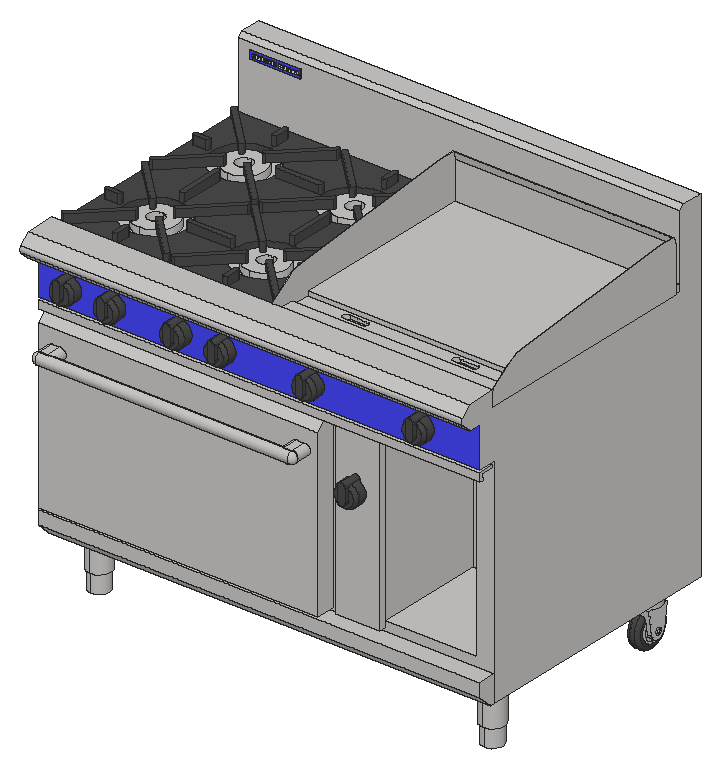
Revit family "QF_MOFFAT_BLUESEAL_CE_G508B", category Specialty Equipment, Revit 2012 (continued)
Automatic sketch dimensions
  Extrusion 1 sketch curve to plane 5 "FRONT" = 27.03 mm
  Extrusion 1 sketch curve to plane 5 "FRONT" = 11.991 mm
  Extrusion 1 sketch curve to plane 5 "FRONT" = 3.51 mm  (x2)
  Extrusion 1 sketch curve to plane 22 = 1.8 mm
  Extrusion 1 sketch curve to Extrusion 1 sketch curve = 4.2 mm
  Extrusion 1 sketch curve to plane 21 = 12.5 mm
  Extrusion 1 sketch curve to plane 17 = 38 mm
  Extrusion 1 sketch curve to Extrusion 1 sketch curve = 12.5 mm
  Extrusion 1 sketch curve to Extrusion 1 sketch curve = 41.48 mm
  Extrusion 1 sketch curve to Extrusion 1 sketch curve = 23.52 mm
  plane 18 to Extrusion 1 sketch curve = 85 mm
  Extrusion 1 sketch curve to Extrusion 1 sketch curve = 5.997 mm
  Extrusion 1 sketch curve to Extrusion 1 sketch curve = 7.004 mm
  Extrusion 1 sketch curve to Extrusion 1 sketch curve = 16.999 mm
  level to Extrusion 1 sketch curve = 222.5 mm
  Extrusion 1 sketch curve to Extrusion 1 sketch curve = 36.5 mm
  Extrusion 1 sketch curve to Extrusion 1 sketch curve = 35.929 mm
  level to Extrusion 1 sketch curve = 150 mm
  Extrusion 1 sketch curve to Extrusion 1 sketch curve = 8.48 mm
  plane 22 to Extrusion 2 sketch curve = 44 mm
  plane 22 to Extrusion 2 sketch curve = 20 mm
  Extrusion 2 sketch curve to plane 22 = 6 mm
  level to Extrusion 2 sketch curve = 227.5 mm
  plane 18 to Extrusion 2 sketch curve = 21 mm
  plane 18 to Extrusion 2 sketch curve = 45 mm
  plane 22 to Extrusion 3 sketch curve = 9 mm
  Extrusion 3 sketch curve to plane 22 = 6 mm
  level to Extrusion 3 sketch curve = 227.5 mm
  plane 18 to Extrusion 3 sketch curve = 45 mm
  Revolve 4 sketch curve to level = 0 mm
  Revolve 4 sketch curve to plane 22 = 48.25 mm
  Revolve 4 sketch curve to Revolve 4 sketch curve = 4.25 mm
  Revolve 4 sketch curve to Revolve 4 sketch curve = 27.5 mm  (x2)
  level to Revolve 4 sketch curve = 50 mm
  Revolve 4 sketch curve to Revolve 4 sketch curve = 0 mm
  Revolve 4 sketch curve to Revolve 4 sketch curve = 100 mm
  Revolve 4 sketch curve to Revolve 4 sketch curve = 55 mm
  Revolve 5 sketch curve to level = 0 mm
  Revolve 5 sketch curve to plane 22 = 48.25 mm
  Revolve 5 sketch curve to Revolve 5 sketch curve = 4.25 mm
  Revolve 5 sketch curve to Revolve 5 sketch curve = 27.5 mm  (x2)
  Revolve 5 sketch curve to level = 55 mm
  Revolve 5 sketch curve to Revolve 5 sketch curve = 50 mm
  Revolve 5 sketch curve to Revolve 5 sketch curve = 0 mm
  Revolve 5 sketch curve to Revolve 5 sketch curve = 100 mm
  Extrusion 6 sketch curve to plane 17 = 0 mm
  plane 18 to Extrusion 7 sketch curve = 21 mm
  level to Extrusion 7 sketch curve = 246 mm
  plane 16 to Extrusion 7 sketch curve = 15.5 mm
  Extrusion 8 sketch curve to plane 7 "Center Y" = 0 mm
  plane 22 to Extrusion 8 sketch curve = 0 mm
  Extrusion 8 sketch curve to plane 22 = 3 mm  (x2)
  plane 10 to Extrusion 8 sketch curve = 36.504 mm  (x2)
  plane 12 to Extrusion 8 sketch curve = 67.472 mm  (x2)
  Extrusion 8 sketch curve to plane 17 = 42 mm  (x2)
  plane 3 "LEFT" to Extrusion 8 sketch curve = 4 mm
  plane 14 to Extrusion 8 sketch curve = 76 mm  (x2)
  Extrusion 8 sketch curve to plane 7 "Center Y" = 150 mm  (x2)
  Extrusion 9 sketch curve to plane 17 = 61.602 mm  (x3)
  plane 9 to Extrusion 9 sketch curve = 4.847 mm  (x4)
  Extrusion 9 sketch curve to Extrusion 9 sketch curve = 0 mm  (x8)
  Extrusion 9 sketch curve to plane 7 "Center Y" = 15.153 mm  (x3)
  plane 3 "LEFT" to Extrusion 9 sketch curve = 15.153 mm
  Extrusion 9 sketch curve to Extrusion 9 sketch curve = 4.525 mm  (x24)
  Extrusion 9 sketch curve to plane 17 = 67.398 mm  (x2)
  Extrusion 9 sketch curve to Extrusion 9 sketch curve = 36.204 mm  (x2)
  Extrusion 9 sketch curve to Extrusion 9 sketch curve = 65.923 mm  (x2)
  plane 3 "LEFT" to Extrusion 9 sketch curve = 16.591 mm  (x2)
  plane 12 to Extrusion 9 sketch curve = 74.863 mm
  Extrusion 9 sketch curve to plane 7 "Center Y" = 7.896 mm  (x2)
  plane 12 to Extrusion 9 sketch curve = 73.872 mm
  Extrusion 9 sketch curve to Extrusion 9 sketch curve = 20.524 mm  (x5)
  Extrusion 9 sketch curve to Extrusion 9 sketch curve = 6.4 mm  (x12)
  plane 12 to Extrusion 9 sketch curve = 40.548 mm  (x4)
  Extrusion 9 sketch curve to plane 12 = 24.426 mm  (x2)
  Extrusion 9 sketch curve to plane 13 = 7.374 mm  (x4)
  plane 8 "Center X" to Extrusion 9 sketch curve = 8.898 mm  (x4)
  plane 8 "Center X" to Extrusion 9 sketch curve = 4.372 mm  (x4)
  Extrusion 9 sketch curve to plane 8 "Center X" = 43.102 mm  (x2)
  Extrusion 9 sketch curve to Extrusion 9 sketch curve = 55.923 mm  (x4)
  plane 10 to Extrusion 9 sketch curve = 43.646 mm
  plane 10 to Extrusion 9 sketch curve = 43.172 mm  (x2)
  plane 10 to Extrusion 9 sketch curve = 9.848 mm  (x4)
  plane 10 to Extrusion 9 sketch curve = 5.323 mm  (x4)
  Extrusion 9 sketch curve to plane 10 = 65.126 mm  (x2)
  Extrusion 9 sketch curve to plane 22 = 32.653 mm  (x3)
  plane 3 "LEFT" to Extrusion 9 sketch curve = 6.102 mm  (x3)
  Extrusion 9 sketch curve to plane 7 "Center Y" = 6.102 mm
  Extrusion 9 sketch curve to plane 22 = 29.398 mm  (x2)
  Extrusion 9 sketch curve to plane 11 = 9.416 mm  (x2)
  plane 14 to Extrusion 9 sketch curve = 40.025 mm  (x4)
  plane 14 to Extrusion 9 sketch curve = 69.6 mm  (x2)
  Extrusion 9 sketch curve to Extrusion 9 sketch curve = 53.847 mm  (x8)
  Extrusion 9 sketch curve to plane 9 = 38.102 mm  (x2)
  Extrusion 9 sketch curve to Extrusion 9 sketch curve = 12.205 mm  (x4)
  plane 9 to Extrusion 9 sketch curve = 78.102 mm  (x2)
  Extrusion 9 sketch curve to Extrusion 9 sketch curve = 49.974 mm  (x2)
  Revolve 10 sketch curve to plane 5 "FRONT" = 19 mm
  Revolve 10 sketch curve to Revolve 10 sketch curve = 0 mm  (x2)
  Revolve 10 sketch curve to Revolve 10 sketch curve = 11 mm
  Revolve 10 sketch curve to Revolve 10 sketch curve = 12.7 mm
  Revolve 10 sketch curve to Revolve 10 sketch curve = 23 mm
  Revolve 10 sketch curve to Revolve 10 sketch curve = 10 mm
  plane 18 to Revolve 10 sketch curve = 141.882 mm
  Revolve 10 sketch curve to Revolve 10 sketch curve = 5 mm
  Revolve 10 sketch curve to Revolve 10 sketch curve = 26.651 mm
  Revolve 10 sketch curve to Revolve 10 sketch curve = 5.849 mm
  Revolve 11 sketch curve to plane 5 "FRONT" = 19 mm
  Revolve 11 sketch curve to Revolve 11 sketch curve = 0 mm  (x2)
  Revolve 11 sketch curve to Revolve 11 sketch curve = 11 mm
  Revolve 11 sketch curve to Revolve 11 sketch curve = 12.7 mm
  Revolve 11 sketch curve to Revolve 11 sketch curve = 23 mm
  Revolve 11 sketch curve to Revolve 11 sketch curve = 10 mm
  Revolve 11 sketch curve to plane 6 "TOP" = 140.618 mm
  Revolve 11 sketch curve to Revolve 11 sketch curve = 5.849 mm
  Revolve 11 sketch curve to Revolve 11 sketch curve = 27.5 mm
  Revolve 11 sketch curve to Revolve 11 sketch curve = 5 mm
  Revolve 12 sketch curve to plane 5 "FRONT" = 19 mm
  Revolve 12 sketch curve to Revolve 12 sketch curve = 0 mm  (x2)
  Revolve 12 sketch curve to Revolve 12 sketch curve = 11 mm
  Revolve 12 sketch curve to Revolve 12 sketch curve = 12.7 mm
  Revolve 12 sketch curve to Revolve 12 sketch curve = 23 mm
  Revolve 12 sketch curve to Revolve 12 sketch curve = 10 mm
  Revolve 12 sketch curve to plane 6 "TOP" = 140.618 mm
  Revolve 12 sketch curve to Revolve 12 sketch curve = 5.849 mm
  Revolve 12 sketch curve to Revolve 12 sketch curve = 27.5 mm
  Revolve 12 sketch curve to Revolve 12 sketch curve = 5 mm
  Revolve 13 sketch curve to plane 5 "FRONT" = 19 mm
  Revolve 13 sketch curve to Revolve 13 sketch curve = 0 mm  (x2)
  Revolve 13 sketch curve to Revolve 13 sketch curve = 11 mm
  Revolve 13 sketch curve to Revolve 13 sketch curve = 12.7 mm
  Revolve 13 sketch curve to Revolve 13 sketch curve = 23 mm
  Revolve 13 sketch curve to Revolve 13 sketch curve = 10 mm
  Revolve 13 sketch curve to plane 6 "TOP" = 140.618 mm
  Revolve 13 sketch curve to Revolve 13 sketch curve = 5.849 mm
  Revolve 13 sketch curve to Revolve 13 sketch curve = 27.5 mm
  Revolve 13 sketch curve to Revolve 13 sketch curve = 5 mm
  Revolve 14 sketch curve to plane 5 "FRONT" = 19 mm
  Revolve 14 sketch curve to Revolve 14 sketch curve = 0 mm  (x2)
  Revolve 14 sketch curve to Revolve 14 sketch curve = 11 mm
  Revolve 14 sketch curve to Revolve 14 sketch curve = 12.7 mm
  Revolve 14 sketch curve to Revolve 14 sketch curve = 23 mm
  Revolve 14 sketch curve to Revolve 14 sketch curve = 10 mm
  Revolve 14 sketch curve to plane 6 "TOP" = 140.618 mm
  Revolve 14 sketch curve to Revolve 14 sketch curve = 5.849 mm
  Revolve 14 sketch curve to Revolve 14 sketch curve = 27.5 mm
  Revolve 14 sketch curve to Revolve 14 sketch curve = 5 mm
  plane 14 to Extrusion 15 sketch curve = 26.156 mm
  Extrusion 15 sketch curve to Extrusion 15 sketch curve = 10 mm
  Extrusion 15 sketch curve to plane 6 "TOP" = 146.118 mm
  Extrusion 15 sketch curve to Extrusion 15 sketch curve = 35 mm
  Extrusion 16 sketch curve to plane 9 = 59.844 mm
  Extrusion 16 sketch curve to Extrusion 16 sketch curve = 10 mm
  Extrusion 16 sketch curve to plane 6 "TOP" = 146.118 mm
  Extrusion 16 sketch curve to Extrusion 16 sketch curve = 35 mm
  plane 9 to Extrusion 17 sketch curve = 120.132 mm
  Extrusion 17 sketch curve to Extrusion 17 sketch curve = 10 mm
  Extrusion 17 sketch curve to plane 6 "TOP" = 146.118 mm
  Extrusion 17 sketch curve to Extrusion 17 sketch curve = 35 mm
  Extrusion 18 sketch curve to plane 7 "Center Y" = 79.868 mm
  Extrusion 18 sketch curve to Extrusion 18 sketch curve = 10 mm
  Extrusion 18 sketch curve to plane 6 "TOP" = 146.118 mm
  Extrusion 18 sketch curve to Extrusion 18 sketch curve = 35 mm
  Extrusion 19 sketch curve to plane 6 "TOP" = 146.118 mm
  Extrusion 19 sketch curve to Extrusion 19 sketch curve = 35 mm
  plane 22 to Revolve 20 sketch curve = 53 mm
  Revolve 20 sketch curve to Revolve 20 sketch curve = 0 mm  (x2)
  Revolve 20 sketch curve to Revolve 20 sketch curve = 11 mm
  Revolve 20 sketch curve to Revolve 20 sketch curve = 12.7 mm
  plane 22 to Revolve 20 sketch curve = 19 mm
  plane 22 to Revolve 20 sketch curve = 9 mm
  Revolve 20 sketch curve to plane 18 = 104.368 mm
  Revolve 20 sketch curve to Revolve 20 sketch curve = 5 mm
  Revolve 20 sketch curve to Revolve 20 sketch curve = 26.651 mm
  Revolve 20 sketch curve to Revolve 20 sketch curve = 5.849 mm
  Extrusion 21 sketch curve to Extrusion 21 sketch curve = 10 mm
  Extrusion 21 sketch curve to plane 18 = 112.368 mm
  Extrusion 21 sketch curve to Extrusion 21 sketch curve = 35 mm
  Extrusion 22 sketch curve to Extrusion 2 = 0 mm  (x2)
  Extrusion 22 sketch curve to Extrusion 22 sketch curve = 469.847 mm
  Extrusion 23 sketch curve to plane 16 = 0.512 mm
  Extrusion 23 sketch curve to plane 17 = 6.76 mm
  Extrusion 23 sketch curve to plane 1 "BACK" = 30.24 mm
  Extrusion 23 sketch curve to plane 17 = 55.26 mm
  Extrusion 24 sketch curve to plane 11 = 1.472 mm
  Extrusion 24 sketch curve to plane 18 = 46.875 mm  (x2)
  Extrusion 24 sketch curve to Extrusion 24 sketch curve = 15 mm  (x2)
  Extrusion 24 sketch curve to Extrusion 24 sketch curve = 20.282 mm  (x2)
  Revolve 25 sketch curve to plane 3 "LEFT" = 6.961 mm
  plane 3 "LEFT" to Revolve 25 sketch curve = 23.246 mm
  Revolve 25 sketch curve to plane 18 = 16.875 mm
  Revolve 25 sketch curve to Revolve 25 sketch curve = 15 mm
  Revolve 25 sketch curve to plane 7 "Center Y" = 11.961 mm
  Revolve 25 sketch curve to Revolve 25 sketch curve = 0 mm
  Extrusion 26 sketch curve to Extrusion 26 sketch curve = 0 mm  (x8)
  plane 12 to Extrusion 26 sketch curve = 67.472 mm  (x2)
  plane 10 to Extrusion 26 sketch curve = 36.772 mm  (x2)
  plane 14 to Extrusion 26 sketch curve = 76 mm  (x2)
  Extrusion 26 sketch curve to plane 7 "Center Y" = 150 mm  (x2)
  Split face 1 sketch curve to cut or joined group of Extrusion 1, Extrusion 7, Extrusion 23 = 27.315 mm
  Split face 1 sketch curve to cut or joined group of Extrusion 1, Extrusion 7, Extrusion 23 = 273.455 mm
  Split face 1 sketch curve to cut or joined group of Extrusion 1, Extrusion 7, Extrusion 23 = 23.185 mm
  Split face 1 sketch curve to Split face 1 sketch curve = 4.041 mm  (x4)
  Split face 1 sketch curve to Split face 1 sketch curve = 8.66 mm  (x2)
  Split face 1 sketch curve to cut or joined group of Extrusion 1, Extrusion 7, Extrusion 23 = 22.315 mm
  Split face 1 sketch curve to cut or joined group of Extrusion 1, Extrusion 7, Extrusion 23 = 36.836 mm
  Split face 1 sketch curve to Split face 1 sketch curve = 17 mm
  Split face 1 sketch curve to Split face 1 sketch curve = 7 mm  (x2)
  Split face 2 sketch curve to cut or joined group of Extrusion 1, Extrusion 7, Extrusion 23 = 27.315 mm
  Split face 2 sketch curve to cut or joined group of Extrusion 1, Extrusion 7, Extrusion 23 = 573.455 mm
  Split face 2 sketch curve to cut or joined group of Extrusion 1, Extrusion 7, Extrusion 23 = 23.185 mm
  Split face 2 sketch curve to Split face 2 sketch curve = 4.041 mm  (x4)
  Split face 2 sketch curve to Split face 2 sketch curve = 8.66 mm  (x2)
  Split face 2 sketch curve to cut or joined group of Extrusion 1, Extrusion 7, Extrusion 23 = 22.315 mm
  Split face 2 sketch curve to Split face 2 sketch curve = 223.917 mm
  Split face 2 sketch curve to cut or joined group of Extrusion 1, Extrusion 7, Extrusion 23 = 17.315 mm
  Split face 2 sketch curve to Split face 2 sketch curve = 17 mm
  Split face 2 sketch curve to Split face 2 sketch curve = 7 mm
  Split face 3 sketch curve to cut or joined group of Extrusion 1, Extrusion 7, Extrusion 23 = 27.315 mm
  Split face 3 sketch curve to cut or joined group of Extrusion 1, Extrusion 7, Extrusion 23 = 326.545 mm
  Split face 3 sketch curve to cut or joined group of Extrusion 1, Extrusion 7, Extrusion 23 = 23.185 mm
  Split face 3 sketch curve to Split face 3 sketch curve = 4.041 mm  (x4)
  Split face 3 sketch curve to Split face 3 sketch curve = 8.66 mm  (x2)
  Split face 3 sketch curve to cut or joined group of Extrusion 1, Extrusion 7, Extrusion 23 = 22.315 mm
  Split face 3 sketch curve to Split face 3 sketch curve = 223.917 mm
  Split face 3 sketch curve to cut or joined group of Extrusion 1, Extrusion 7, Extrusion 23 = 17.315 mm
  Split face 3 sketch curve to Split face 3 sketch curve = 17 mm
  Split face 3 sketch curve to Split face 3 sketch curve = 7 mm
  Split face 4 sketch curve to cut or joined group of Extrusion 1, Extrusion 7, Extrusion 23 = 26.545 mm
  Split face 4 sketch curve to Split face 4 sketch curve = 4.041 mm  (x4)
  Split face 4 sketch curve to Split face 4 sketch curve = 8.66 mm  (x2)
  Split face 4 sketch curve to cut or joined group of Extrusion 1, Extrusion 7, Extrusion 23 = 22.315 mm
  Split face 4 sketch curve to Split face 4 sketch curve = 223.917 mm
  Split face 4 sketch curve to cut or joined group of Extrusion 1, Extrusion 7, Extrusion 23 = 17.315 mm
  Split face 4 sketch curve to Split face 4 sketch curve = 10 mm
  Split face 4 sketch curve to Split face 4 sketch curve = 7 mm  (x3)
  Extrusion 27 sketch curve to plane 17 = 99.75 mm
  Extrusion 27 sketch curve to Extrusion 27 sketch curve = 12.357 mm
  Extrusion 27 sketch curve to Extrusion 27 sketch curve = 19.393 mm  (x2)
  level to Extrusion 27 sketch curve = 45.111 mm
  Extrusion 27 sketch curve to plane 17 = 36.25 mm
  Extrusion 27 sketch curve to Extrusion 27 sketch curve = 4.889 mm
  Extrusion 27 sketch curve to Extrusion 27 sketch curve = 64.889 mm
  Revolve 28 sketch curve to plane 17 = 103.75 mm
  Revolve 28 sketch curve to plane 17 = 68 mm
  Revolve 28 sketch curve to Revolve 28 sketch curve = 35.75 mm
  Revolve 28 sketch curve to level = 55 mm
  level to Revolve 28 sketch curve = 50 mm
  Revolve 28 sketch curve to Revolve 28 sketch curve = 60 mm
  Revolve 28 sketch curve to Revolve 28 sketch curve = 40 mm
  Revolve 29 sketch curve to plane 17 = 103.75 mm
  Revolve 29 sketch curve to plane 17 = 68 mm
  Revolve 29 sketch curve to Revolve 29 sketch curve = 35.75 mm
  level to Revolve 29 sketch curve = 150 mm
  Revolve 29 sketch curve to Revolve 29 sketch curve = 40 mm
  level to Revolve 29 sketch curve = 50 mm
  Revolve 29 sketch curve to level = 55 mm
  Revolve 30 sketch curve to plane 16 = 34.382 mm
  Revolve 30 sketch curve to Revolve 30 sketch curve = 1.27 mm  (x4)
  Revolve 30 sketch curve to Revolve 30 sketch curve = 1.524 mm  (x2)
  Revolve 30 sketch curve to Revolve 30 sketch curve = 12.146 mm  (x2)
  Revolve 30 sketch curve to plane 16 = 16.68 mm
  Revolve 30 sketch curve to Revolve 30 sketch curve = 0.794 mm  (x2)
  Revolve 30 sketch curve to Revolve 30 sketch curve = 3.57 mm
  Revolve 30 sketch curve to Revolve 30 sketch curve = 2.143 mm
  Revolve 30 sketch curve to plane 16 = 6.361 mm
  plane 16 to Revolve 30 sketch curve = 5.13 mm
  plane 16 to Revolve 30 sketch curve = 6.339 mm
  plane 16 to Revolve 30 sketch curve = 14.515 mm
  Revolve 30 sketch curve to Revolve 30 sketch curve = 1.349 mm  (x2)
  Revolve 30 sketch curve to Revolve 30 sketch curve = 3.556 mm
  Revolve 30 sketch curve to plane 4 "RIGHT" = 2.18 mm
  level to Revolve 30 sketch curve = 50.8 mm
  Revolve 30 sketch curve to Revolve 30 sketch curve = 0 mm
  Revolve 30 sketch curve to Revolve 30 sketch curve = 3.505 mm  (x2)
  Revolve 30 sketch curve to Revolve 30 sketch curve = 3.447 mm  (x2)
  Revolve 30 sketch curve to Revolve 30 sketch curve = 9.964 mm
  Revolve 30 sketch curve to Revolve 30 sketch curve = 10.045 mm
  Revolve 30 sketch curve to Revolve 30 sketch curve = 2.053 mm
  Revolve 30 sketch curve to Revolve 30 sketch curve = 2.061 mm
  Revolve 30 sketch curve to Revolve 30 sketch curve = 8.247 mm
  Revolve 30 sketch curve to Revolve 30 sketch curve = 8.336 mm
  Revolve 30 sketch curve to Revolve 30 sketch curve = 6.35 mm  (x2)
  Extrusion 31 sketch curve to plane 17 = 99.75 mm
  Extrusion 31 sketch curve to Extrusion 31 sketch curve = 12.357 mm
  Extrusion 31 sketch curve to Extrusion 31 sketch curve = 19.393 mm  (x2)
  level to Extrusion 31 sketch curve = 45.111 mm
  Extrusion 31 sketch curve to plane 17 = 36.25 mm
  Extrusion 31 sketch curve to Extrusion 31 sketch curve = 4.889 mm
  Extrusion 31 sketch curve to Extrusion 31 sketch curve = 64.889 mm
  Revolve 32 sketch curve to level = 0 mm
  Revolve 32 sketch curve to plane 17 = 99.75 mm
  Revolve 32 sketch curve to Revolve 32 sketch curve = 4.25 mm
  Revolve 32 sketch curve to Revolve 32 sketch curve = 27.5 mm  (x2)
  Revolve 32 sketch curve to level = 55 mm
  Revolve 32 sketch curve to Revolve 32 sketch curve = 50 mm
  Revolve 32 sketch curve to Revolve 32 sketch curve = 0 mm
  Revolve 32 sketch curve to Revolve 32 sketch curve = 100 mm
  Revolve 33 sketch curve to level = 0 mm
  Revolve 33 sketch curve to plane 17 = 99.75 mm
  Revolve 33 sketch curve to Revolve 33 sketch curve = 4.25 mm
  Revolve 33 sketch curve to Revolve 33 sketch curve = 27.5 mm  (x2)
  level to Revolve 33 sketch curve = 50 mm
  Revolve 33 sketch curve to Revolve 33 sketch curve = 0 mm
  Revolve 33 sketch curve to Revolve 33 sketch curve = 100 mm
  Revolve 33 sketch curve to Revolve 33 sketch curve = 55 mm
  plane 14 to Revolve 34 sketch curve = 25.382 mm
  Revolve 34 sketch curve to Revolve 34 sketch curve = 1.27 mm  (x4)
  Revolve 34 sketch curve to Revolve 34 sketch curve = 1.524 mm  (x2)
  plane 14 to Revolve 34 sketch curve = 10.442 mm
  plane 14 to Revolve 34 sketch curve = 7.68 mm
  Revolve 34 sketch curve to Revolve 34 sketch curve = 0.794 mm  (x2)
  Revolve 34 sketch curve to Revolve 34 sketch curve = 3.57 mm
  Revolve 34 sketch curve to Revolve 34 sketch curve = 2.143 mm
  Revolve 34 sketch curve to plane 14 = 2.639 mm
  Revolve 34 sketch curve to plane 11 = 0.13 mm
  Revolve 34 sketch curve to plane 11 = 1.339 mm
  Revolve 34 sketch curve to plane 11 = 9.515 mm
  Revolve 34 sketch curve to Revolve 34 sketch curve = 1.349 mm  (x2)
  Revolve 34 sketch curve to Revolve 34 sketch curve = 3.556 mm
  Revolve 34 sketch curve to Revolve 34 sketch curve = 12.146 mm
  Revolve 34 sketch curve to plane 3 "LEFT" = 2.68 mm
  level to Revolve 34 sketch curve = 101.6 mm
  Revolve 34 sketch curve to Revolve 34 sketch curve = 6.35 mm  (x4)
  Revolve 34 sketch curve to Revolve 34 sketch curve = 8.247 mm
  Revolve 34 sketch curve to Revolve 34 sketch curve = 8.336 mm
  Revolve 34 sketch curve to Revolve 34 sketch curve = 2.061 mm
  Revolve 34 sketch curve to Revolve 34 sketch curve = 2.053 mm
  Revolve 34 sketch curve to Revolve 34 sketch curve = 10.045 mm
  Revolve 34 sketch curve to Revolve 34 sketch curve = 9.964 mm
  Revolve 34 sketch curve to Revolve 34 sketch curve = 3.447 mm  (x2)
  Revolve 34 sketch curve to Revolve 34 sketch curve = 3.505 mm
  Revolve 35 sketch curve to plane 5 "FRONT" = 19 mm
  Revolve 35 sketch curve to Revolve 35 sketch curve = 0 mm  (x2)
  Revolve 35 sketch curve to Revolve 35 sketch curve = 11 mm
  Revolve 35 sketch curve to Revolve 35 sketch curve = 12.7 mm
  Revolve 35 sketch curve to Revolve 35 sketch curve = 23 mm
  Revolve 35 sketch curve to Revolve 35 sketch curve = 10 mm
  plane 18 to Revolve 35 sketch curve = 141.882 mm
  Revolve 35 sketch curve to Revolve 35 sketch curve = 5 mm
  Revolve 35 sketch curve to Revolve 35 sketch curve = 26.651 mm
  Revolve 35 sketch curve to Revolve 35 sketch curve = 5.849 mm
  Extrusion 36 sketch curve to plane 6 "TOP" = 146.118 mm
  Extrusion 36 sketch curve to Extrusion 36 sketch curve = 35 mm
  Extrusion 6 sketch curve to plane 16 = 64.5 mm
  Extrusion 23 sketch curve to Extrusion 23 sketch curve = 81 mm
  Extrusion 23 sketch curve to Extrusion 23 sketch curve = 48.5 mm
  Extrusion 36 sketch curve to plane 16 = 75.106 mm
  Extrusion 36 sketch curve to Extrusion 36 sketch curve = 10 mm
  plane 7 "Center Y" to curve 10 = 118.108 mm
  curve 10 to curve 11 = 25.191 mm
  curve 11 to curve 49 = 16.7 mm
  curve 83 to curve 79 = 223.917 mm
  Extrusion 7 sketch curve to plane 16 = 234.5 mm
  plane 7 "Center Y" to Extrusion 19 sketch curve = 159.62 mm
  Extrusion 19 sketch curve to Extrusion 19 sketch curve = 10 mm
  plane 7 "Center Y" to Extrusion 21 sketch curve = 227.344 mm
  plane 7 "Center Y" to Extrusion 24 sketch curve = 102.757 mm
  plane 7 "Center Y" to Revolve 25 sketch curve = 123.039 mm
  radius of Extrusion 6 sketch curve = 10 mm
  radius of Extrusion 8 sketch curve = 85 mm  (x4)
  radius of Extrusion 26 sketch curve = 57 mm  (x4)
  radius of Extrusion 26 sketch curve = 22 mm  (x4)
Nested families
  nested 1: "WALDORF LOGO_FACE BASE" at (32, -70, 1056.385) x (1, 0, 0) z (0, -1, 0), visible <- "Show Logo", type "WALDORF LOGO_FACE BASE", detail levels medium+fine
    with Show Logo yes
  nested 2: "GAS GRIDDLE PLATE 600" at (600, -85, 874.5), type "GAS GRIDDLE PLATE 600"
    with Width 600 mm, Type Mark "", Status "", Specification by User "", Revision Code "", Item Number "", Installed By "", Identify Quantity as Lot yes, Furnished By "", Foodservice Equipment Identifier yes, Depth 620 mm
Connectors
  piping at (1070, -32, 655)
    settings: on Extrusion 6, index 4, connector radius 0.37402", flow factor 0, pipe flow 0 GPM, pressure drop 0.00 psi, fitting loss kfactor 0, connector angle 0.00°, fixture units 0, engagement length 0 mm, flow configuration 1, flow direction 1, fitting loss method 0, system type 7, joint type 0, gender type 0, connector reference index -1, connector utility 0, adjustable connector no, is connector primary yes, fitting loss table "", connector description "GAS CONNECTION"
Definition of nested family "WALDORF LOGO_FACE BASE"
  Parameters (values of type "WALDORF LOGO_FACE BASE")
    Show Logo [instance] = yes
    Default Elevation = 1219.2 mm
  Reference planes
    plane 1 "Center (Front/Back)": y = 0
    plane 2: z = 0
    plane 3 "Center (Left/Right)": x = 0
  Forms (mm)
    Extrusion 1, solid
      sketch origin (0, 0, 0) x (1, 0, 0) y (0, 1, 0)
        loop
          line (-1219.2, 1219.2) -> (-1219.2, -1219.2) -> (1219.2, -1219.2) -> (1219.2, 1219.2) -> (-1219.2, 1219.2)
      from 0 to -304.8
    Extrusion 2, solid, material "QF_Finishes_Blue", visible <- "Show Logo"
      sketch origin (0, -33.217, 0) x (1, 0, 0) y (0, 1, 0)
        loop
          arc (138, 31.942) -> (137.626, 32.844) -> (136.724, 33.217) r 1.276
          line (136.724, 33.217) -> (1.29, 33.217)
          arc (1.29, 33.217) -> (0.378, 32.839) -> (0, 31.927) r 1.29
          line (0, 31.927) -> (0, 11.507)
          arc (0, 11.507) -> (0.378, 10.595) -> (1.29, 10.217) r 1.29
          line (1.29, 10.217) -> (136.71, 10.217)
          arc (136.71, 10.217) -> (137.622, 10.595) -> (138, 11.507) r 1.29
          line (138, 11.507) -> (138, 31.942)
      from 0 to 1.588
    Extrusion 3, solid, material "QF_Finishes_White", visible <- "Show Logo"
      sketch origin (0, -33.217, 1.588) x (1, 0, 0) y (0, 1, 0)
        loop
          arc (108.946, 25.919) -> (107.613, 25.367) -> (107.061, 24.034) r 1.885
          line (107.061, 24.034) -> (107.061, 17.211) -> (112.704, 17.211) -> (112.704, 19.129) -> (115.546, 19.129) -> (115.546, 17.211) -> (121.584, 17.211) -> (121.584, 24.075)
          arc (121.584, 24.075) -> (121.043, 25.379) -> (119.739, 25.919) r 1.845
          line (119.739, 25.919) -> (108.946, 25.919)
        loop
          line (123.478, 25.919) -> (123.478, 17.163) -> (134.904, 17.163) -> (134.904, 19.129) -> (129.246, 19.129) -> (129.246, 25.919) -> (123.478, 25.919)
        loop
          line (112.704, 21.258) -> (115.546, 21.258) -> (115.546, 22.702)
          arc (115.546, 22.702) -> (115.344, 23.188) -> (114.858, 23.389) r 0.687
          line (114.858, 23.389) -> (113.363, 23.389)
          arc (113.363, 23.389) -> (112.897, 23.196) -> (112.704, 22.73) r 0.658
          line (112.704, 22.73) -> (112.704, 21.258)
        loop
          line (105.071, 25.919) -> (93.771, 25.919) -> (93.771, 17.163) -> (105.071, 17.163) -> (105.071, 19.063) -> (99.535, 19.063) -> (99.535, 20.437) -> (105.071, 20.437) -> (105.071, 22.278) -> (99.535, 22.278) -> (99.535, 23.587) -> (105.071, 23.587) -> (105.071, 25.919)
        loop
          line (91.104, 25.919) -> (79.541, 25.919)
          arc (79.541, 25.919) -> (78.558, 25.513) -> (78.152, 24.53) r 1.389
          line (78.152, 24.53) -> (78.152, 22.08)
          arc (78.152, 22.08) -> (78.558, 21.098) -> (79.541, 20.691) r 1.389
          line (79.541, 20.691) -> (86.346, 20.691) -> (86.346, 18.864) -> (83.266, 18.864) -> (83.266, 19.664) -> (78.152, 19.664) -> (78.152, 18.553)
          arc (78.152, 18.553) -> (78.558, 17.57) -> (79.541, 17.163) r 1.389
          line (79.541, 17.163) -> (91.063, 17.163)
          arc (91.063, 17.163) -> (92.045, 17.57) -> (92.452, 18.553) r 1.389
          line (92.452, 18.553) -> (92.452, 20.691)
          arc (92.452, 20.691) -> (92.045, 21.673) -> (91.063, 22.08) r 1.389
          line (91.063, 22.08) -> (83.266, 22.08) -> (83.266, 23.984) -> (86.346, 23.984) -> (86.346, 22.743) -> (92.452, 22.743) -> (92.452, 24.571)
          arc (92.452, 24.571) -> (92.057, 25.524) -> (91.104, 25.919) r 1.348
        loop
          line (70.705, 25.919) -> (59.405, 25.919) -> (59.405, 17.163) -> (70.705, 17.163) -> (70.705, 19.063) -> (65.169, 19.063) -> (65.169, 20.437) -> (70.705, 20.437) -> (70.705, 22.278) -> (65.169, 22.278) -> (65.169, 23.587) -> (70.705, 23.587) -> (70.705, 25.919)
        loop
          line (57.598, 25.919) -> (51.7, 25.919) -> (51.7, 20.18)
          arc (51.7, 20.18) -> (50.63, 19.11) -> (49.56, 20.18) r 1.07
          line (49.56, 20.18) -> (49.56, 25.919) -> (43.663, 25.919) -> (43.663, 19.049)
          arc (43.663, 19.049) -> (44.215, 17.716) -> (45.548, 17.163) r 1.885
          line (45.548, 17.163) -> (55.71, 17.163)
          arc (55.71, 17.163) -> (57.045, 17.716) -> (57.598, 19.051) r 1.887
          line (57.598, 19.051) -> (57.598, 25.919)
        loop
          line (31.62, 25.919) -> (31.62, 17.163) -> (43.046, 17.163) -> (43.046, 19.129) -> (37.388, 19.129) -> (37.388, 25.919) -> (31.62, 25.919)
        loop
          line (15.969, 25.919) -> (15.969, 17.163) -> (28.693, 17.163)
          arc (28.693, 17.163) -> (29.812, 17.627) -> (30.276, 18.746) r 1.582
          line (30.276, 18.746) -> (30.276, 20.447) -> (29.48, 21.243) -> (30.276, 22.039) -> (30.276, 24.332)
          arc (30.276, 24.332) -> (29.811, 25.454) -> (28.688, 25.919) r 1.587
          line (28.688, 25.919) -> (15.969, 25.919)
        loop
          line (21.449, 24.159) -> (21.449, 22.436) -> (23.862, 22.436)
          arc (23.862, 22.436) -> (24.723, 23.298) -> (23.862, 24.159) r 0.861
          line (23.862, 24.159) -> (21.449, 24.159)
        loop
          line (21.449, 20.244) -> (21.449, 18.522) -> (23.862, 18.522)
          arc (23.862, 18.522) -> (24.723, 19.383) -> (23.862, 20.244) r 0.861
          line (23.862, 20.244) -> (21.449, 20.244)
      from 0 to 0.2
    Extrusion 4, solid, material "QF_Finishes_Blue", visible <- "Show Logo"
      sketch origin (-126.498, -31.09, 1.588) x (1, 0, 0) y (0, 1, 0)
        loop
          line (136.738, 23.522) -> (136.738, 15.1)
          arc (136.738, 15.1) -> (140.756, 19.311) -> (136.738, 23.522) r 4.216
      from 0 to 0.2
    Extrusion 5, solid, material "QF_Finishes_Red", visible <- "Show Logo"
      sketch origin (146.849, -31.09, 1.588) x (-1, 0, 0) y (0, -1, 0)
        loop
          arc (136.738, -23.522) -> (140.756, -19.311) -> (136.738, -15.1) r 4.216
          line (136.738, -15.1) -> (136.738, -23.522)
      from 0 to 0.2
  Lines and regions (mm)
    Split face 1
      outline origin (-90.35, -30.793, 1.588) x (1, 0, 0) y (0, 1, 0)
        loop
          circle (100.54, 19.013) r 4.536
  Dimensions and locks
    aligned and locked: plane 2 to Extrusion 1
    aligned and locked: level to Extrusion 1
Definition of nested family "GAS GRIDDLE PLATE 600"
  Parameters (values of type "GAS GRIDDLE PLATE 600")
    Width [instance] = 600 mm
    Weight in Pounds = 0
    URL Cutsheet = ""
    Type Mark [instance] = ""
    Status [instance] = ""
    Specification by User [instance] = ""
    Specification by Manufacturer = ""
    Serial Number = ""
    Seismic Rating = ""
    SMACNA No = ""
    Revision Code [instance] = ""
    Omniclass Number and Title = ""
    NAFEM Spec ID Number = ""
    Masterspec = ""
    Item Number [instance] = ""
    Installed By [instance] = ""
    Identify Quantity as Lot [instance] = yes
    Furnished By [instance] = ""
    Foodservice Equipment Identifier [instance] = yes
    Depth [instance] = 620 mm
    CSI MasterFormat = ""
    CSI Master Format = ""
  Reference planes
    plane 1 "BACK": y = 0
    plane 2: z = 0
    plane 3 "LEFT": x = 0
    plane 4 "RIGHT": x = 600
    plane 5 "FRONT": y = -620
    plane 6 "TOP": z = 142.5
    plane 7 "Center Y": x = 300
    plane 8 "Center X": y = -310
    plane 9: y = -530.997
    plane 10: y = -541.497
    plane 11: y = -503.25
    plane 12: y = -557.737
  Forms (mm)
    Extrusion 1, solid, material "QF_Finishes_Stainless Steel"
      sketch origin (0, 70.003, -874.5) x (0, 1, 0) y (0, 0, 1)
        loop
          line (-70, 875) -> (-70, 997.489) -> (-75.228, 1017) -> (-117.24, 1017) -> (-589.533, 971.523)
          arc (-589.533, 971.523) -> (-614.56, 965.803) -> (-637.306, 953.899) r 100
          line (-637.306, 953.899) -> (-690.003, 917) -> (-690.003, 875) -> (-70, 875)
      from 0 to 1.8
    Extrusion 2, solid, material "QF_Finishes_Stainless Steel"
      sketch origin (600, 70.003, -874.5) x (0, -1, 0) y (0, 0, 1)
        loop
          line (70, 875) -> (690.003, 875) -> (690.003, 917) -> (637.306, 953.899)
          arc (637.306, 953.899) -> (614.56, 965.803) -> (589.533, 971.523) r 100
          line (589.533, 971.523) -> (117.24, 1017) -> (75.228, 1017) -> (70, 997.489) -> (70, 875)
      from 0 to 1.2
    Extrusion 3, solid, material "QF_Finishes_Stainless Steel"
      sketch origin (150, 70.003, -874.5) x (0, 1, 0) y (0, 0, 1)
        loop
          line (-55, 895) -> (-573.253, 895) -> (-573.253, 884.5) -> (-627.74, 884.5) -> (-627.74, 895) -> (-690.003, 895) -> (-690.003, 875) -> (-55, 875) -> (-55, 895)
      from -148.2 to 448.8
    Extrusion 4, void
      sketch origin (150, -541.497, 10) x (0, -1, 0) y (1, 0, 0)
        loop
          arc (-7.497, 25.113) -> (-17.497, 35.113) -> (-27.497, 25.113) r 10
          line (-27.497, 25.113) -> (-27.497, -24.887)
          arc (-27.497, -24.887) -> (-17.497, -34.887) -> (-7.497, -24.887) r 10
          line (-7.497, -24.887) -> (-7.497, 25.113)
        loop
          line (-7.497, 274.887) -> (-7.497, 324.887)
          arc (-7.497, 324.887) -> (-17.497, 334.887) -> (-27.497, 324.887) r 10
          line (-27.497, 324.887) -> (-27.497, 274.887)
          arc (-27.497, 274.887) -> (-17.497, 264.887) -> (-7.497, 274.887) r 10
      from -41.4 to 40.142
    Extrusion 5, solid, material "QF_Finishes_Stainless Steel"
      sketch origin (0, 70.003, -874.5) x (0, 1, 0) y (0, 0, 1)
        loop
          line (-70, 875) -> (-70, 997.489) -> (-75.228, 1017) -> (-76.884, 1017) -> (-71.6, 997.278) -> (-71.6, 875) -> (-70, 875)
      from 0 to 598.8
  Cuts and joins
    Extrusion 4 cuts Extrusion 3
    joined: Extrusion 1, Extrusion 2, Extrusion 3, Extrusion 5
  Lines and regions (mm)
    symbolic lines
      curve 1: line (600, -503.25, 0) -> (0, -503.25, 0)
      curve 2: line (0, -557.737, 0) -> (600, -557.737, 0)
      curve 3: line (0, -1.68, 0) -> (600, -1.68, 0)
      curve 4: line (600, -1.68, 0) -> (600, -620, 0)
      curve 5: line (0, -620, 0) -> (0, -1.68, 0)
      curve 6: line (0, -620, 0) -> (600, -620, 0)
      curve 7: arc (175.113, -534, 0) -> (185.113, -524, 0) -> (175.113, -514, 0) r 10
      curve 8: line (175.113, -514, 0) -> (125.113, -514, 0)
      curve 9: arc (125.113, -514, 0) -> (115.113, -524, 0) -> (125.113, -534, 0) r 10
      curve 10: line (125.113, -534, 0) -> (175.113, -534, 0)
      curve 11: arc (424.887, -534, 0) -> (414.887, -524, 0) -> (424.887, -514, 0) r 10
      curve 12: line (424.887, -514, 0) -> (474.887, -514, 0)
      curve 13: arc (474.887, -514, 0) -> (484.887, -524, 0) -> (474.887, -534, 0) r 10
      curve 14: line (474.887, -534, 0) -> (424.887, -534, 0)
  Dimensions and locks
    equal spacing: plane 3 "LEFT", plane 7 "Center Y", plane 4 "RIGHT"
    "Width": plane 3 "LEFT" to plane 4 "RIGHT"
    equal spacing: plane 5 "FRONT", plane 8 "Center X", plane 1 "BACK"
    "Depth": plane 5 "FRONT" to plane 1 "BACK"
    locked: Extrusion 2 to Extrusion 2 at 1.2
    aligned and locked: level to plane 2
    aligned and locked: Extrusion 2 to plane 4 "RIGHT"
    aligned and locked: curve 1 to plane 11
    aligned and locked: plane 12 to curve 2
    aligned and locked: Extrusion 5 to cut or joined group of Extrusion 1, Extrusion 2, Extrusion 3, Extrusion 4, Extrusion 5
  Automatic sketch dimensions
    Extrusion 1 sketch curve to plane 5 "FRONT" = 0 mm
    Extrusion 1 sketch curve to plane 6 "TOP" = 0 mm
    plane 12 to Extrusion 1 sketch curve = 9.566 mm
    plane 11 to Extrusion 1 sketch curve = 16.28 mm
    Extrusion 1 sketch curve to level = 2.516 mm
    plane 11 to Extrusion 1 sketch curve = 6.695 mm
    plane 1 "BACK" to Extrusion 1 sketch curve = 47.237 mm
    plane 1 "BACK" to Extrusion 1 sketch curve = 5.225 mm
    Extrusion 1 sketch curve to plane 1 "BACK" = 0.003 mm
    level to Extrusion 1 sketch curve = 0.5 mm
    Extrusion 1 sketch curve to Extrusion 1 sketch curve = 42 mm
    Extrusion 1 sketch curve to plane 6 "TOP" = 63.101 mm
    Extrusion 1 sketch curve to plane 6 "TOP" = 19.511 mm
    Extrusion 2 sketch curve to plane 6 "TOP" = 0 mm
    Extrusion 2 sketch curve to plane 5 "FRONT" = 0 mm
    plane 12 to Extrusion 2 sketch curve = 9.566 mm
    plane 11 to Extrusion 2 sketch curve = 16.28 mm
    Extrusion 2 sketch curve to level = 2.516 mm
    plane 11 to Extrusion 2 sketch curve = 6.695 mm
    plane 1 "BACK" to Extrusion 2 sketch curve = 47.237 mm
    plane 1 "BACK" to Extrusion 2 sketch curve = 5.225 mm
    Extrusion 2 sketch curve to plane 1 "BACK" = 0.003 mm
    level to Extrusion 2 sketch curve = 0.5 mm
    Extrusion 2 sketch curve to Extrusion 2 sketch curve = 42 mm
    Extrusion 2 sketch curve to plane 6 "TOP" = 63.101 mm
    Extrusion 2 sketch curve to plane 6 "TOP" = 19.511 mm
    Extrusion 3 sketch curve to plane 5 "FRONT" = 0 mm
    Extrusion 3 sketch curve to plane 12 = 0 mm
    Extrusion 3 sketch curve to plane 11 = 0 mm
    Extrusion 3 sketch curve to plane 1 "BACK" = 15.003 mm
    level to Extrusion 3 sketch curve = 0.5 mm
    level to Extrusion 3 sketch curve = 10 mm
    Extrusion 3 sketch curve to Extrusion 3 sketch curve = 10.5 mm  (x2)
    plane 1 "BACK" to Extrusion 5 sketch curve = 5.225 mm
    Extrusion 5 sketch curve to plane 1 "BACK" = 0.003 mm
    Extrusion 5 sketch curve to plane 6 "TOP" = 19.511 mm
    Extrusion 5 sketch curve to Extrusion 5 sketch curve = 1.6 mm
    Extrusion 5 sketch curve to Extrusion 5 sketch curve = 0.211 mm
    Extrusion 5 sketch curve to plane 6 "TOP" = 0 mm
    Extrusion 5 sketch curve to Extrusion 5 sketch curve = 1.656 mm
    level to Extrusion 5 sketch curve = 0.5 mm
    plane 11 to Extrusion 4 sketch curve = 10.75 mm  (x2)
    Extrusion 4 sketch curve to Extrusion 4 sketch curve = 10 mm  (x2)
    plane 3 "LEFT" to Extrusion 4 sketch curve = 125.113 mm
    Extrusion 4 sketch curve to Extrusion 4 sketch curve = 50 mm  (x2)
    plane 7 "Center Y" to Extrusion 4 sketch curve = 124.887 mm
    curve 6 to plane 3 "LEFT" = 0 mm
    curve 3 to plane 4 "RIGHT" = 0 mm
    plane 5 "FRONT" to curve 6 = 0 mm
    plane 11 to curve 8 = 10.75 mm
    plane 3 "LEFT" to curve 8 = 125.113 mm
    curve 10 to plane 12 = 23.737 mm
    curve 9 to curve 10 = 50 mm
    curve 11 to plane 12 = 23.737 mm
    plane 7 "Center Y" to curve 11 = 124.887 mm
    plane 11 to curve 12 = 10.75 mm
    curve 12 to curve 12 = 50 mm
    plane 1 "BACK" to curve 3 = 1.68 mm
